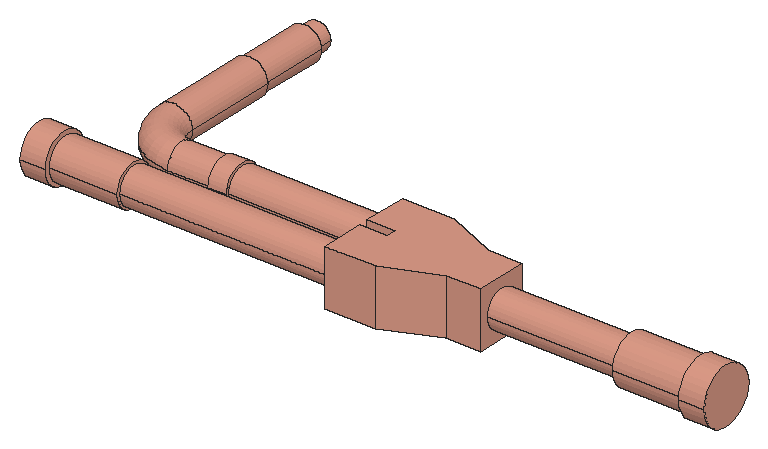
Revit family "outputfile", category 配管付属品, Revit 2024
Family settings
  丸型コネクタ寸法 = 半径を使用
  パーツ タイプ = 標準
  OmniClass 番号 = 23.65.55.00
  OmniClass タイトル = Distribution of Supplied Liquids/Gases
  作業面ベース = いいえ
  常に垂直 = はい
  ロード時にボイドで切り取り = いいえ
  共有 = いいえ
Parameters (values of type "BHFP26MA84_(1)")
  Description = ""
  製造元 = "Daikin"
  書き出し IFC クラス(タイプ) = "IfcPipeFittingType"
  Default Elevation = 0.0 mm
  定義済み IFC タイプ(タイプ) = "JUNCTION"
  Cost = 0
  モデル = "BHFP26MA84_(1)"
  Type Comments = ""
  Keynote = ""
  Type Image = (empty or 0)
  Assembly Code = ""
  table_PipeToCU_B [instance] = if(mm⇔inch, "Multi Module Kit_BHFP26MA-_Liquid_PipeToCU_B", "Multi Module Kit_BHFP26MA-_Liquid_PipeToCU_B_inch")  # "Multi Module Kit_BHFP26MA-_Liquid_PipeToCU_B"
  table_PipeToCU_A [instance] = if(mm⇔inch, "Multi Module Kit_BHFP26MA-_Liquid_PipeToCU_A", "Multi Module Kit_BHFP26MA-_Liquid_PipeToCU_A_inch")  # "Multi Module Kit_BHFP26MA-_Liquid_PipeToCU_A"
  table_ToMainPipe [instance] = if(mm⇔inch, "Multi Module Kit_BHFP26MA-_Liquid_ToMainPipe", "Multi Module Kit_BHFP26MA-_Liquid_ToMainPipe_inch")  # "Multi Module Kit_BHFP26MA-_Liquid_ToMainPipe"
  switch_ToMainPipe3 [instance] = if(number_ToMainPipe < 3, 1 = 0, 1 = 1)  # no
  switch_PipeToCU_B Reducer [instance] = if(and(Is_PipeToCU_B Reducer = 1, judge_IsOffsetPipe_ToOutdoorUnitB = 0), 1 = 1, 1 = 0)  # no
  switch_PipeToCU_B4 [instance] = if(number_PipeToCU_B < 4, 1 = 0, 1 = 1)  # no
  switch_PipeToCU_B3 [instance] = if(number_PipeToCU_B < 3, 1 = 0, 1 = 1)  # no
  switch_PipeToCU_B2 [instance] = if(number_PipeToCU_B < 2, 1 = 0, 1 = 1)  # yes
  switch_PipeToCU_A Reducer [instance] = if(Is_PipeToCU_A Reducer = 1, 1 = 1, 1 = 0)  # yes
  switch_ToMainPipe Reducer [instance] = if(Is_ToMainPipe Reducer = 1, 1 = 1, 1 = 0)  # no
  switch_ToMainPipe2 [instance] = if(number_ToMainPipe < 2, 1 = 0, 1 = 1)  # yes
  r_PipeToCU_B_ActualDiameter [instance] = PipeToCU_B_Liquid_ActualDiameter / 2  # 9.55 mm
  r_PipeToCU_A_ActualDiameter [instance] = PipeToCU_A_Liquid_ActualDiameter / 2  # 4.75 mm
  r_ToMainPipe_ActualDiameter [instance] = ToMainPipe_Liquid_ActualDiameter / 2  # 11.1 mm
  number_PipeToCU_B ReducerPipe [instance] = size_lookup(table_PipeToCU_B, "reducerPipeNumber", 0, モデル, judge_IsOffsetPipe_ToOutdoorUnitB, PipeToCU_B_Liquid_ActualDiameter)  # 0
  number_PipeToCU_B [instance] = size_lookup(table_PipeToCU_B, "pipeNumber", 2, モデル, judge_IsOffsetPipe_ToOutdoorUnitB, PipeToCU_B_Liquid_ActualDiameter)  # 2
  number_PipeToCU_A ReducerPipe [instance] = size_lookup(table_PipeToCU_A, "reducerPipeNumber", 3, モデル, PipeToCU_A_Liquid_ActualDiameter)  # 3
  number_ToMainPipe [instance] = size_lookup(table_ToMainPipe, "pipeNumber", 3, モデル, ToMainPipe_Liquid_ActualDiameter)  # 2
  mm⇔inch [instance] = yes
  l_ToMainPipe3 [instance] = size_lookup(table_ToMainPipe, "L_Pipe3", 11.0 mm, モデル)  # 2.0 mm
  judge_IsOffsetPipe_ToOutdoorUnitB [instance] = 0  # constant formula
  Unit Type = "BHFP26MA-_Liquid"
  Uniclass2015Version = "Products v1.31"
  Uniclass2015Title = "Copper pipe fittings"
  Uniclass2015Code = "Pr_65_52_63_18"
  URL = ""
  ToMainPipe_Liquid_Status [instance] = size_lookup(table_ToMainPipe, "Information", "The connected pipe size is not available.", モデル, ToMainPipe_Liquid_ActualDiameter)  # "Default connector size is used."
  ToMainPipe_Liquid_ActualDiameter [instance] = 22.2 mm
  Tag No. [instance] = ""
  Series = "Multi Module kit"
  PipeToCU_B_Liquid_Status [instance] = size_lookup(table_PipeToCU_B, "Information", "The connected pipe size is not available.", モデル, judge_IsOffsetPipe_ToOutdoorUnitB, PipeToCU_B_Liquid_ActualDiameter)  # "Default connector size is used."
  PipeToCU_B_Liquid_ActualDiameter [instance] = 19.1 mm
  PipeToCU_A_Liquid_Status [instance] = size_lookup(table_PipeToCU_A, "Information", "The connected pipe size is not available.", モデル, PipeToCU_A_Liquid_ActualDiameter)  # "Reducer is used at connector."
  PipeToCU_A_Liquid_ActualDiameter [instance] = 9.5 mm
  O.D_PipeToCU_B Reducer [instance] = size_lookup(table_PipeToCU_B, "O.D_reducer", 2.0 mm, モデル, judge_IsOffsetPipe_ToOutdoorUnitB, PipeToCU_B_Liquid_ActualDiameter)  # 2.0 mm
  Material_Piping = DAIKIN_Copper_Pipe
  Material_Insulation = DAIKIN_White_Insulation
  location_PipeToCU_A connector [instance] = size_lookup(table_PipeToCU_A, "Locationconnector", 107.0 mm, モデル, PipeToCU_A_Liquid_ActualDiameter)  # 107.0 mm
  l_PipeToCU_B connector [instance] = size_lookup(table_PipeToCU_B, "Length", 128.0 mm, モデル, judge_IsOffsetPipe_ToOutdoorUnitB, PipeToCU_B_Liquid_ActualDiameter)  # 132.0 mm
  l_PipeToCU_B Reducer [instance] = 80.0 mm  # constant formula
  l_PipeToCU_B4 [instance] = size_lookup(table_PipeToCU_B, "L_Pipe4", 2.0 mm, モデル)  # 2.0 mm
  l_PipeToCU_B3 [instance] = size_lookup(table_PipeToCU_B, "L_Pipe3", 2.0 mm, モデル)  # 2.0 mm
  l_PipeToCU_B2 [instance] = size_lookup(table_PipeToCU_B, "L_Pipe2", 7.0 mm, モデル)  # 11.0 mm
  l_PipeToCU_B1 [instance] = size_lookup(table_PipeToCU_B, "L_Pipe1", 30.0 mm, モデル)  # 30.0 mm
  l_PipeToCU_B0 [instance] = size_lookup(table_PipeToCU_B, "L_Pipe0", 91.0 mm, モデル)  # 91.0 mm
  l_PipeToCU_A connector [instance] = size_lookup(table_PipeToCU_A, "Length", 97.0 mm, モデル, PipeToCU_A_Liquid_ActualDiameter)  # 97.0 mm
  l_PipeToCU_A1 [instance] = size_lookup(table_PipeToCU_A, "L_Pipe1", 8.0 mm, モデル)  # 8.0 mm
  l_PipeToCU_A0 [instance] = size_lookup(table_PipeToCU_A, "L_Pipe0", 62.0 mm, モデル)  # 62.0 mm
  l_ToMainPipe connector [instance] = size_lookup(table_ToMainPipe, "Length", 128.0 mm, モデル, ToMainPipe_Liquid_ActualDiameter)  # 98.0 mm
  l_ToMainPipe Reducer [instance] = size_lookup(table_ToMainPipe, "L_Reducer", 2.0 mm, モデル, ToMainPipe_Liquid_ActualDiameter)  # 2.0 mm
  l_ToMainPipe2 [instance] = size_lookup(table_ToMainPipe, "L_Pipe2", 30.0 mm, モデル)  # 11.0 mm
  l_ToMainPipe1 [instance] = size_lookup(table_ToMainPipe, "L_Pipe1", 30.0 mm, モデル)  # 30.0 mm
  l_ToMainPipe0 [instance] = size_lookup(table_ToMainPipe, "L_Pipe0", 57.0 mm, モデル)  # 57.0 mm
  judge_JointType(1or2) = 1
  count_PipeToCU_B Reducer [instance] = 0  # constant formula
  count_PipeToCU_A Reducer [instance] = size_lookup(table_PipeToCU_A, "reducerCount", 1, モデル, PipeToCU_A_Liquid_ActualDiameter)  # 1
  angle_PipeToCU_A Pipe [instance] = if([RotateBranchPipetoCU_A_-90°], 270.00°, 0.00°)  # 0.00°
  angle_PipeToCU_A Connector [instance] = angle_PipeToCU_A Pipe + 90.00°  # 90.00°
  PipeToCU_B_Liquid_AvailableDiameter [instance] = size_lookup(table_PipeToCU_B, "sizeVariation", "", モデル, judge_IsOffsetPipe_ToOutdoorUnitB)  # "15.9/19.1mm"
  PipeToCU_A_Liquid_AvailableDiameter [instance] = size_lookup(table_PipeToCU_A, "sizeVariation", "", モデル)  # "9.5/12.7mm"
  ToMainPipe_Liquid_AvailableDiameter [instance] = size_lookup(table_ToMainPipe, "sizeVariation", "", モデル)  # "19.1/22.2mm"
  RotateBranchPipetoCU_A_-90° [instance] = no
  O.D_ToMainPipe Reducer [instance] = size_lookup(table_ToMainPipe, "O.D_reducer", 2.0 mm, モデル, ToMainPipe_Liquid_ActualDiameter)  # 2.0 mm
  Link_Nested Family [instance] = ""
  Is_PipeToCU_B Reducer [instance] = size_lookup(table_PipeToCU_B, "IsReducer", 0, モデル, judge_IsOffsetPipe_ToOutdoorUnitB, PipeToCU_B_Liquid_ActualDiameter)  # 0
  Is_PipeToCU_A Reducer [instance] = size_lookup(table_PipeToCU_A, "IsReducer", 1, モデル, PipeToCU_A_Liquid_ActualDiameter)  # 1
  Is_ToMainPipe Reducer [instance] = size_lookup(table_ToMainPipe, "IsReducer", 0, モデル, ToMainPipe_Liquid_ActualDiameter)  # 0
  IfcVersion = ""
  IfcExportType = "JUNCTION"
  IfcExportAs = "IfcPipeFittingType"
  I.D_ToMainPipe3 [instance] = size_lookup(table_ToMainPipe, "I.D_PipeSize3", 22.2 mm, モデル)  # 2.0 mm
  I.D_PipeToCU_B Reducer [instance] = size_lookup(table_PipeToCU_B, "I.D_reducer", 2.0 mm, モデル, judge_IsOffsetPipe_ToOutdoorUnitB, PipeToCU_B_Liquid_ActualDiameter)  # 2.0 mm
  Attach_Insulation [instance] = no
  I.D_PipeToCU_B4 [instance] = size_lookup(table_PipeToCU_B, "I.D_PipeSize4", 2.0 mm, モデル)  # 2.0 mm
  I.D_PipeToCU_B3 [instance] = size_lookup(table_PipeToCU_B, "I.D_PipeSize3", 2.0 mm, モデル)  # 2.0 mm
  I.D_PipeToCU_B2 [instance] = size_lookup(table_PipeToCU_B, "I.D_PipeSize2", 9.5 mm, モデル)  # 19.1 mm
  I.D_PipeToCU_B1 [instance] = size_lookup(table_PipeToCU_B, "I.D_PipeSize1", 12.7 mm, モデル)  # 15.9 mm
  I.D_PipeToCU_B0 [instance] = size_lookup(table_PipeToCU_B, "I.D_PipeSize0", 13.9 mm, モデル)  # 13.9 mm
  I.D_PipeToCU_A1 [instance] = 15.5 mm  # constant formula
  I.D_PipeToCU_A0 [instance] = 13.9 mm  # constant formula
  I.D_ToMainPipe Reducer [instance] = size_lookup(table_ToMainPipe, "I.D_reducer", 2.0 mm, モデル, ToMainPipe_Liquid_ActualDiameter)  # 2.0 mm
  I.D_ToMainPipe2 [instance] = size_lookup(table_ToMainPipe, "I.D_PipeSize2", 19.1 mm, モデル)  # 22.2 mm
  I.D_ToMainPipe1 [instance] = size_lookup(table_ToMainPipe, "I.D_PipeSize1", 15.9 mm, モデル)  # 19.1 mm
  I.D_ToMainPipe0 [instance] = size_lookup(table_ToMainPipe, "I.D_PipeSize0", 13.9 mm, モデル)  # 13.9 mm
Reference planes
  plane 1 "Center (Front/Back)": y = 0
  plane 2: z = 0
  plane 3 "pipe2": x = 225.65
  plane 4: x = 214.65
  plane 5: x = 184.65
  plane 6: x = 127.65
  plane 7: x = 67.65
  plane 8: x = -2.35
  plane 9: x = -23.35
  plane 10: x = -53.35
  plane 11: x = -64.35
  plane 12: x = -66.35
  plane 13: x = -68.35
  plane 14 "offset_center": y = 11.5
  plane 15: y = -11.5
  plane 16: x = 5.65
  plane 17: x = 177.65
  plane 18 "ToMainPipe_connector": x = 225.65
  plane 19 "connector_OutdoorunitA": x = -39.35
  plane 20 "connector_ToOutdoorUnitB": x = -104.35
  plane 21 "pipe3": x = 227.65
  plane 22 "connector_PipeToCU_B": x = -64.35
Forms (mm)
  Extrusion 1, solid, material "DAIKIN_Copper_Pipe" <- "Material_Piping"
    sketch origin (0, 0, 0) x (1, 0, 0) y (0, 1, 0)
      loop
        line (67.65, 1.998) -> (79.65, 1.998) -> (79.65, -1.998) -> (67.65, -1.998) -> (67.65, -21.2) -> (89.801, -21.2) -> (112.65, -11.3) -> (127.65, -11.3) -> (127.65, 11.3) -> (112.65, 11.3) -> (89.801, 21.2) -> (67.65, 21.2) -> (67.65, 1.998)
    from -12.2 to 12.2
Dimensions and locks
  locked: plane 6 to plane 17 at 50
  "l_PipeToCU_A1": plane 8 to plane 16
  "l_PipeToCU_B1": plane 10 to plane 9
  "l_PipeToCU_B2": plane 11 to plane 10
  "l_PipeToCU_B3": plane 12 to plane 11
  "l_PipeToCU_B4": plane 13 to plane 12
  locked: plane 7 to plane 6 at 60
  "l_ToMainPipe1": plane 5 to plane 4
  "l_ToMainPipe2": plane 4 to plane 3 "pipe2"
  "l_ToMainPipe0": plane 6 to plane 5
  "l_ToMainPipe connector": plane 6 to plane 18 "ToMainPipe_connector"
  plane 14 "offset_center" to plane 1 "Center (Front/Back)" to plane 15 = 11.5 mm locked, 11.5 mm locked
  locked: plane 1 "Center (Front/Back)" to Extrusion 1 sketch curve at 11.3  (x2)
  locked: Extrusion 1 sketch curve to plane 1 "Center (Front/Back)" at 21.2
  locked: plane 1 "Center (Front/Back)" to Extrusion 1 sketch curve at 21.2
  "l_PipeToCU_A0": plane 16 to plane 7
  "location_PipeToCU_A connector": plane 19 "connector_OutdoorunitA" to plane 7
  "l_PipeToCU_B0": plane 9 to plane 7
  "l_ToMainPipe3": plane 3 "pipe2" to plane 21 "pipe3"
  "l_PipeToCU_B connector": plane 22 "connector_PipeToCU_B" to plane 7
  aligned and locked: level to plane 2
  aligned and locked: plane 2 to nested 1
  aligned and locked: plane 1 "Center (Front/Back)" to nested 1
  aligned and locked: plane 3 "pipe2" to nested 1
  aligned and locked: plane 4 to nested 1
  aligned and locked: plane 4 to nested 2
  aligned and locked: plane 5 to nested 2
  aligned and locked: plane 5 to nested 3
  aligned and locked: plane 6 to nested 3
  aligned and locked: plane 6 to Extrusion 1
  aligned and locked: Extrusion 1 to plane 7  (x2)
  aligned and locked: plane 7 to nested 4
  aligned and locked: plane 8 to nested 5
  aligned and locked: plane 16 to nested 5
  aligned and locked: nested 5 to plane 14 "offset_center"
  aligned and locked: nested 6 to plane 15
  aligned and locked: plane 7 to nested 6
  aligned and locked: plane 9 to nested 6
  aligned and locked: plane 10 to nested 7
  aligned and locked: plane 9 to nested 7
  aligned and locked: plane 11 to nested 8
  aligned and locked: plane 10 to nested 8
  aligned and locked: plane 12 to nested 9
  aligned and locked: plane 11 to nested 9
  aligned and locked: plane 13 to nested 10
  aligned and locked: plane 12 to nested 10
  aligned and locked: nested 10 to plane 15
  aligned and locked: nested 9 to plane 15
  aligned and locked: nested 8 to plane 15
  aligned and locked: nested 7 to plane 15
  aligned and locked: plane 1 "Center (Front/Back)" to nested 11
  aligned and locked: plane 17 to nested 11
  aligned and locked: plane 16 to nested 4
  aligned and locked: nested 12 to plane 14 "offset_center"
  aligned and locked: plane 8 to nested 12
  aligned and locked: plane 1 "Center (Front/Back)" to nested 13
  aligned and locked: plane 18 "ToMainPipe_connector" to nested 13
  aligned and locked: plane 6 to nested 14
  aligned and locked: plane 1 "Center (Front/Back)" to nested 3
  aligned and locked: plane 14 "offset_center" to nested 15
  aligned and locked: nested 15 to plane 19 "connector_OutdoorunitA"
  aligned and locked: nested 16 to plane 7
  aligned and locked: nested 4 to plane 14 "offset_center"
  aligned and locked: plane 3 "pipe2" to nested 17
  aligned and locked: plane 21 "pipe3" to nested 17
  aligned and locked: nested 16 to plane 15
  aligned and locked: nested 18 to plane 22 "connector_PipeToCU_B"
  aligned and locked: plane 15 to nested 18
Automatic sketch dimensions
  Extrusion 1 sketch curve to plane 7 = 0.0 mm  (x2)
  Extrusion 1 sketch curve to plane 6 = 0.0 mm
  Extrusion 1 sketch curve to plane 1 "Center (Front/Back)" = 1.998 mm
  plane 7 to Extrusion 1 sketch curve = 12.0 mm
  Extrusion 1 sketch curve to Extrusion 1 sketch curve = 10.151 mm  (x2)
  Extrusion 1 sketch curve to Extrusion 1 sketch curve = 15.0 mm  (x2)
  plane 1 "Center (Front/Back)" to Extrusion 1 sketch curve = 1.998 mm
Nested families
  nested 1: "daikin_Pipe" at (220.15, 0, 0), I.D_Pipe <- "I.D_ToMainPipe2", display <- "switch_ToMainPipe2", type "*"
    with length_Pipe 11.0 mm, display yes, O.D_Pipe 24.2 mm, I.D_Pipe 22.2 mm
  nested 2: "daikin_Pipe" at (199.65, 0, 0), I.D_Pipe <- "I.D_ToMainPipe1", type "*"
    with length_Pipe 30.0 mm, display yes, O.D_Pipe 21.1 mm, I.D_Pipe 19.1 mm
  nested 3: "daikin_Pipe" at (156.15, 0, 0), I.D_Pipe <- "I.D_ToMainPipe0", type "*"
    with length_Pipe 57.0 mm, display yes, O.D_Pipe 15.9 mm, I.D_Pipe 13.9 mm
  nested 4: "daikin_Pipe" at (36.65, 11.5, 0), I.D_Pipe <- "I.D_PipeToCU_A0", type "*"
    with length_Pipe 62.0 mm, display yes, O.D_Pipe 15.9 mm, I.D_Pipe 13.9 mm
  nested 5: "daikin_Pipe" at (1.65, 11.5, 0), I.D_Pipe <- "I.D_PipeToCU_A1", type "*"
    with length_Pipe 8.0 mm, display yes, O.D_Pipe 17.5 mm, I.D_Pipe 15.5 mm
  nested 6: "daikin_Pipe" at (22.15, -11.5, 0), I.D_Pipe <- "I.D_PipeToCU_B0", type "*"
    with length_Pipe 91.0 mm, display yes, O.D_Pipe 15.9 mm, I.D_Pipe 13.9 mm
  nested 7: "daikin_Pipe" at (-38.35, -11.5, 0), I.D_Pipe <- "I.D_PipeToCU_B1", type "*"
    with length_Pipe 30.0 mm, display yes, O.D_Pipe 17.9 mm, I.D_Pipe 15.9 mm
  nested 8: "daikin_Pipe" at (-58.85, -11.5, 0), I.D_Pipe <- "I.D_PipeToCU_B2", display <- "switch_PipeToCU_B2", type "*"
    with length_Pipe 11.0 mm, display yes, O.D_Pipe 21.1 mm, I.D_Pipe 19.1 mm
  nested 9: "daikin_Pipe" at (-65.35, -11.5, 0), display <- "switch_PipeToCU_B3", I.D_Pipe <- "I.D_PipeToCU_B3", visible <- "switch_PipeToCU_B3", type "*"
    with length_Pipe 2.0 mm, display no, O.D_Pipe 4.0 mm, I.D_Pipe 2.0 mm
  nested 10: "daikin_Pipe" at (-67.35, -11.5, 0), display <- "switch_PipeToCU_B4", I.D_Pipe <- "I.D_PipeToCU_B4", visible <- "switch_PipeToCU_B4", type "*"
    with length_Pipe 2.0 mm, display no, O.D_Pipe 4.0 mm, I.D_Pipe 2.0 mm
  nested 11: "daikin_MultiModeluKit_Insulation" at (177.65, 0, 0), display <- "Attach_Insulation", type "*"
    with h 54.2 mm, display no, I.D_Outlet PipeSize 22.2 mm
  nested 12: "daikin_Multi Module kit_Reducer90_rotate" at (-2.35, 11.5, 0), number_reducerPipe <- "number_PipeToCU_A ReducerPipe", angle_Pipe <- "angle_PipeToCU_A Pipe", I.D_Pipe <- "PipeToCU_A_Liquid_ActualDiameter", count_Reducer <- "count_PipeToCU_A Reducer", type "*"
    with number_reducerPipe 3, display_Pipe2 yes, display_Pipe1 yes, count_Reducer 1, angle_Pipe 0.00°, I.D_Pipe 9.5 mm
  nested 13: "daikin_Pipe_reducer" at (224.65, 0, 0), I.D_Pipe1 <- "I.D_ToMainPipe Reducer", O.D_Pipe2 <- "O.D_ToMainPipe Reducer", length_Pipe <- "l_ToMainPipe Reducer", display <- "switch_ToMainPipe Reducer", type "*"
    with length_Pipe 2.0 mm, display no, O.D_Pipe2 2.0 mm, O.D_Pipe1 4.0 mm, I.D_Pipe2 0.0 mm, I.D_Pipe1 2.0 mm
  nested 14: "daikin_connector_rotate3" at (127.65, 0, 0) x (0, 1, 0) z (0, 0, 1), length <- "l_ToMainPipe connector", type "daikin_connector_rotate3"
    with radius 10.0 mm, length 98.0 mm, angle_vertical 90.00°, angle_horizontal 0.00°
  nested 15: "daikin_connector_rotate3" at (-39.35, 11.5, 0) x (-1, 0, 0) z (0, 0, 1), length <- "l_PipeToCU_A connector", angle_vertical <- "angle_PipeToCU_A Connector", type "daikin_connector_rotate3"
    with radius 10.0 mm, length 97.0 mm, angle_vertical 90.00°, angle_horizontal 0.00°
  nested 16: "daikin_connector_rotate3" at (67.65, -11.5, 0) x (0, -1, 0) z (0, 0, 1), length <- "l_PipeToCU_B connector", type "daikin_connector_rotate3"
    with radius 10.0 mm, length 132.0 mm, angle_vertical 90.00°, angle_horizontal 0.00°
  nested 17: "daikin_Pipe" at (226.65, 0, 0), display <- "switch_ToMainPipe3", I.D_Pipe <- "I.D_ToMainPipe3", type "*"
    with length_Pipe 2.0 mm, display no, O.D_Pipe 4.0 mm, I.D_Pipe 2.0 mm
  nested 18: "daikin_Pipe_reducer" at (-24.35, -11.5, 0) x (-1, 0, 0) z (0, 0, 1), length_Pipe <- "l_PipeToCU_B Reducer", I.D_Pipe1 <- "I.D_PipeToCU_B Reducer", O.D_Pipe2 <- "O.D_PipeToCU_B Reducer", display <- "switch_PipeToCU_B Reducer", type "*"
    with length_Pipe 80.0 mm, display no, O.D_Pipe2 2.0 mm, O.D_Pipe1 4.0 mm, I.D_Pipe2 0.0 mm, I.D_Pipe1 2.0 mm
Connectors
  piping at (225.65, 0, 0), diameter 22.2, driven by "r_ToMainPipe_ActualDiameter"
    settings: on nested 14, index 1, connector inside diameter 609.6 mm, connector length 0.0 mm, flow factor 0, pipe flow 0.00 m³/h, pressure drop 0.0 Pa, fitting loss kfactor 0, connector angle 0.00°, fixture units 0, engagement length 0.0 mm, angle of deflection 0.00°, flow configuration 0, flow direction 2, fitting loss method 0, system type 29, joint type 0, gender type 0, connector reference index -1, connector utility 0, adjustable connector no, is connector primary yes, connector description "Multi Module kit_to Main Pipe_Liquid"
  piping at (-39.35, 108.5, 0), diameter 9.5, driven by "r_PipeToCU_A_ActualDiameter"
    settings: on nested 15, index 2, connector inside diameter 609.6 mm, connector length 0.0 mm, flow factor 0, pipe flow 0.00 m³/h, pressure drop 0.0 Pa, fitting loss kfactor 0, connector angle 0.00°, fixture units 0, engagement length 0.0 mm, angle of deflection 0.00°, flow configuration 0, flow direction 1, fitting loss method 0, system type 29, joint type 0, gender type 0, connector reference index -1, connector utility 0, adjustable connector no, is connector primary no, connector description "Multi Module kit_Piping to CU-A_Liquid"
  piping at (-64.35, -11.5, 0), diameter 19.1, driven by "r_PipeToCU_B_ActualDiameter"
    settings: on nested 16, index 3, connector inside diameter 609.6 mm, connector length 0.0 mm, flow factor 0, pipe flow 0.00 m³/h, pressure drop 0.0 Pa, fitting loss kfactor 0, connector angle 0.00°, fixture units 0, engagement length 0.0 mm, angle of deflection 0.00°, flow configuration 0, flow direction 1, fitting loss method 0, system type 29, joint type 0, gender type 0, connector reference index -1, connector utility 0, adjustable connector no, is connector primary no, connector description "Multi Module kit_Piping to CU-B_Liquid"
Definition of nested family "daikin_Pipe"
  Parameters (values of type "*")
    Default Elevation = 0.0 mm
    material = none
    length_Pipe [instance] = 150.0 mm
    display [instance] = yes
    O.D_Pipe [instance] = I.D_Pipe + 2.0 mm  # 27.0 mm
    I.D_Pipe [instance] = 25.0 mm
  Reference planes
    plane 1 "Center (Front/Back)": y = 0
    plane 2 "center(vertical)": z = 0
    plane 3 "Center (Left/Right)": x = 0
    plane 4 "left": x = -75
    plane 5 "right": x = 75
  Forms (mm)
    Extrusion 1, solid, material <- "material", visible <- "display"
      sketch origin (0, 0, 0) x (0, 1, 0) y (0, 0, 1)
        loop
          circle (0, 0) r 13.5
      from -75 to 75
  Dimensions and locks
    equal spacing: plane 4 "left", plane 3 "Center (Left/Right)", plane 5 "right"
    "length_Pipe": plane 4 "left" to plane 5 "right"
    "O.D_Pipe": diameter of Extrusion 1 sketch curve
    aligned and locked: level to plane 2 "center(vertical)"
    aligned and locked: plane 2 "center(vertical)" to Extrusion 1 sketch curve
    aligned and locked: plane 1 "Center (Front/Back)" to Extrusion 1 sketch curve
    aligned and locked: plane 5 "right" to Extrusion 1
    aligned and locked: Extrusion 1 to plane 4 "left"
Definition of nested family "daikin_Multi Module kit_Reducer90_rotate"
  Parameters (values of type "*")
    Default Elevation = 0.0 mm
    number_reducerPipe [instance] = 4
    material_Pipe = none
    display_Pipe2 [instance] = if(number_reducerPipe < 3, 1 = 0, 1 = 1)  # yes
    display_Pipe1 [instance] = if(number_reducerPipe < 2, 1 = 0, 1 = 1)  # yes
    count_Reducer [instance] = 0
    angle_Pipe [instance] = 30.00°
    I.D_Pipe [instance] = 0.0 mm
  Reference planes
    plane 1 "Center (Front/Back)": y = 0
    plane 2: z = 0
    plane 3 "Center (Left/Right)": x = 0
  Dimensions and locks
    "angle_Pipe": angle plane 2 to nested 1
    aligned and locked: level to plane 2
  Nested families
    nested 1: "daikin_Multi Module kit_Reducer90" at (0, 0, 0) x (1, 0, 0) z (0, -0.5, 0.866), display_Pipe2 <- "display_Pipe2", display_Pipe1 <- "display_Pipe1", I.D_connector <- "I.D_Pipe", count_Reducer <- "count_Reducer", type "*"
      with display_Reducer no, display_Pipe2 yes, display_Pipe1 yes, count_Reducer 0, I.D_connector 0.0 mm
  Definition of nested family "daikin_Multi Module kit_Reducer90"
    Parameters (values of type "*")
      Default Elevation = 0.0 mm
      material_Pipe = none
      display_Reducer [instance] = and(I.D_connector = 19.1 mm, count_Reducer = 2)  # no
      display_Pipe2 [instance] = yes
      display_Pipe1 [instance] = yes
      count_Reducer [instance] = 0
      O.D_Pipe2 = 9.5 mm + 2.0 mm  # 11.5 mm
      O.D_Pipe1 = 12.7 mm + 2.0 mm  # 14.7 mm
      O.D_Pipe0 = 15.9 mm  # constant formula
      I.D_connector [instance] = 0.0 mm
    Reference planes
      plane 1 "Center (Front/Back)": y = 0
      plane 2 "center_vertical": z = 0
      plane 3 "Center (Left/Right)": x = 0
      plane 4 "center_toOutdoor": x = -37
      plane 5: y = 60
      plane 6: y = 90
      plane 7: y = 97
    Forms (mm)
      Sweep 1, solid, material <- "material_Pipe"
        path origin (0, 0, 0) x (1, 0, 0) y (0, 1, 0)
          loop
            line (0, 0) -> (-18.241, 0)
            arc (-18.241, 0) -> (-31.506, 5.494) -> (-37, 18.759) r 18.759
            line (-37, 18.759) -> (-37, 60)
        profile origin (-9.12, 0, 0) x (0, -1, 0) y (0, 0, 1)
          loop
            circle (0, 0) r 7.95
      Extrusion 2, solid, material <- "material_Pipe", visible <- "display_Pipe1"
        sketch origin (0, 0, 0) x (1, 0, 0) y (0, 0, 1)
          loop
            circle (-37, 0) r 7.35
        from -90 to -60
      Extrusion 3, solid, material <- "material_Pipe", visible <- "display_Pipe2"
        sketch origin (75, -2.05, 0) x (1, 0, 0) y (0, 0, 1)
          loop
            circle (-112, 0) r 5.75
        from -99.05 to -92.05
    Lines and regions (mm)
      reference lines
        curve 1: line (0, 0, 0) -> (-37, 0, 0)
    Dimensions and locks
      plane 1 "Center (Front/Back)" to plane 5 = 60.0 mm
      plane 6 to plane 5 = 30.0 mm
      plane 7 to plane 6 = 7.0 mm
      plane 4 "center_toOutdoor" to plane 3 "Center (Left/Right)" = 37.0 mm
      "O.D_Pipe2": diameter of Extrusion 3 sketch curve
      "O.D_Pipe0": diameter of Sweep 1 sketch curve
      "O.D_Pipe1": diameter of Extrusion 2 sketch curve
      aligned and locked: level to plane 2 "center_vertical"
      aligned and locked: plane 6 to Extrusion 2
      aligned and locked: Extrusion 2 to plane 5
      aligned and locked: Extrusion 3 to plane 6
      aligned and locked: Sweep 1 sketch curve to plane 1 "Center (Front/Back)"
      aligned and locked: plane 3 "Center (Left/Right)" to curve 1
      aligned and locked: curve 1 to plane 1 "Center (Front/Back)"
      aligned and locked: plane 7 to Extrusion 3
      aligned and locked: plane 6 to nested 1
      aligned and locked: plane 4 "center_toOutdoor" to nested 1
    Automatic sketch dimensions
      Sweep 1 sketch curve to plane 4 "center_toOutdoor" = 0.0 mm
      Sweep 1 sketch curve to plane 3 "Center (Left/Right)" = 0.0 mm
      Sweep 1 sketch curve to plane 5 = 0.0 mm
      Sweep 1 sketch curve to plane 3 "Center (Left/Right)" = 18.241 mm
      curve 1 to plane 4 "center_toOutdoor" = 0.0 mm
      Sweep 1 sketch curve to level = 0.0 mm
      Sweep 1 sketch curve to profile plane = 0.0 mm
      Extrusion 2 sketch curve to level = 0.0 mm
      Extrusion 2 sketch curve to plane 4 "center_toOutdoor" = 0.0 mm
      Extrusion 3 sketch curve to level = 0.0 mm
      Extrusion 3 sketch curve to plane 4 "center_toOutdoor" = 0.0 mm
    Nested families
      nested 1: "daikin_Pipe_reducer" at (-37, 130, 0) x (0, 1, 0) z (0, 0, 1), display <- "display_Reducer", type "*"
        with length_Pipe 80.0 mm, display no, O.D_Pipe2 12.7 mm, O.D_Pipe1 21.1 mm, I.D_Pipe2 10.7 mm, I.D_Pipe1 19.1 mm
    Definition of nested family "daikin_Pipe_reducer"
      Parameters (values of type "*")
        Default Elevation = 0.0 mm
        material = none
        length_Pipe [instance] = 250.0 mm
        display [instance] = yes
        O.D_Pipe2 [instance] = 19.1 mm
        O.D_Pipe1 [instance] = I.D_Pipe1 + 2.0 mm  # 24.2 mm
        I.D_Pipe2 [instance] = O.D_Pipe2 - 2.0 mm  # 17.1 mm
        I.D_Pipe1 [instance] = 22.2 mm
      Reference planes
        plane 1 "Center (Front/Back)": y = 0
        plane 2 "center(vertical)": z = 0
        plane 3 "Center (Left/Right)": x = 0
        plane 4 "connection": x = -125
        plane 5 "right": x = 113
        plane 6: x = 125
      Forms (mm)
        Extrusion 1, solid, material <- "material", visible <- "display"
          sketch origin (0, 0, 0) x (0, 1, 0) y (0, 0, 1)
            loop
              circle (0, 0) r 9.55
          from -125 to 113
        Extrusion 2, solid, material <- "material", visible <- "display"
          sketch origin (0, 0, 0) x (0, 1, 0) y (0, 0, 1)
            loop
              circle (0, 0) r 12.1
          from 113 to 125
      Dimensions and locks
        locked: plane 5 "right" to plane 6 at 12
        "length_Pipe": plane 4 "connection" to plane 6
        equal spacing: plane 4 "connection", plane 3 "Center (Left/Right)", plane 6
        "O.D_Pipe2": diameter of Extrusion 1 sketch curve
        "O.D_Pipe1": diameter of Extrusion 2 sketch curve
        aligned and locked: level to plane 2 "center(vertical)"
        aligned and locked: plane 2 "center(vertical)" to Extrusion 1 sketch curve
        aligned and locked: plane 1 "Center (Front/Back)" to Extrusion 1 sketch curve
        aligned and locked: plane 5 "right" to Extrusion 1
        aligned and locked: Extrusion 1 to plane 4 "connection"
        aligned and locked: plane 2 "center(vertical)" to Extrusion 2 sketch curve
        aligned and locked: plane 1 "Center (Front/Back)" to Extrusion 2 sketch curve
        aligned and locked: Extrusion 2 to plane 5 "right"
        aligned and locked: plane 6 to Extrusion 2
Definition of nested family "daikin_MultiModeluKit_Insulation"
  Parameters (values of type "*")
    Default Elevation = 0.0 mm
    Model = ""
    material = none
    h [instance] = (I.D_Outlet PipeSize + 2.0 mm) + 30.0 mm  # 47.0 mm
    display [instance] = yes
    I.D_Outlet PipeSize [instance] = 15.0 mm
  Reference planes
    plane 1 "Center (Front/Back)": y = 0
    plane 2: z = 0
    plane 3 "Left": x = 0
    plane 4 "top": z = 23.5
    plane 5 "bottom": z = -23.5
  Forms (mm)
    Extrusion 1, solid, material <- "material", visible <- "display"
      sketch origin (0, 0, 0) x (1, 0, 0) y (0, 1, 0)
        loop
          line (0, -22.3) -> (0, 22.3) -> (-101, 45.79) -> (-187, 45.79) -> (-187, 6.128) -> (-257, 10) -> (-257, -45.79) -> (-101, -45.79) -> (0, -22.3)
      from -23.5 to 23.5
  Dimensions and locks
    equal spacing: plane 4 "top", plane 2, plane 5 "bottom"
    "h": plane 4 "top" to plane 5 "bottom"
    equal spacing: Extrusion 1 sketch curve, plane 1 "Center (Front/Back)", Extrusion 1 sketch curve
    locked: Extrusion 1 sketch curve to plane 3 "Left" at 101  (x2)
    locked: Extrusion 1 sketch curve to plane 3 "Left" at 187
    locked: Extrusion 1 sketch curve to plane 3 "Left" at 257
    aligned and locked: level to plane 2
    aligned and locked: plane 3 "Left" to Extrusion 1
    aligned and locked: Extrusion 1 to plane 5 "bottom"
    aligned and locked: plane 4 "top" to Extrusion 1
  Automatic sketch dimensions
    Extrusion 1 sketch curve to plane 3 "Left" = 0.0 mm
    plane 1 "Center (Front/Back)" to Extrusion 1 sketch curve = 45.79 mm
    plane 1 "Center (Front/Back)" to Extrusion 1 sketch curve = 22.3 mm
    Extrusion 1 sketch curve to plane 1 "Center (Front/Back)" = 45.79 mm
    Extrusion 1 sketch curve to plane 1 "Center (Front/Back)" = 10.0 mm
    Extrusion 1 sketch curve to plane 1 "Center (Front/Back)" = 6.128 mm
Definition of nested family "daikin_Pipe_reducer"
  Parameters (values of type "*")
    Default Elevation = 0.0 mm
    material = none
    length_Pipe [instance] = 250.0 mm
    display [instance] = yes
    O.D_Pipe2 [instance] = 19.1 mm
    O.D_Pipe1 [instance] = I.D_Pipe1 + 2.0 mm  # 24.2 mm
    I.D_Pipe2 [instance] = O.D_Pipe2 - 2.0 mm  # 17.1 mm
    I.D_Pipe1 [instance] = 22.2 mm
  Reference planes
    plane 1 "Center (Front/Back)": y = 0
    plane 2 "center(vertical)": z = 0
    plane 3 "Center (Left/Right)": x = 0
    plane 4 "connection": x = -125
    plane 5 "right": x = 113
    plane 6: x = 125
  Forms (mm)
    Extrusion 1, solid, material <- "material", visible <- "display"
      sketch origin (0, 0, 0) x (0, 1, 0) y (0, 0, 1)
        loop
          circle (0, 0) r 9.55
      from -125 to 113
    Extrusion 2, solid, material <- "material", visible <- "display"
      sketch origin (0, 0, 0) x (0, 1, 0) y (0, 0, 1)
        loop
          circle (0, 0) r 12.1
      from 113 to 125
  Dimensions and locks
    locked: plane 5 "right" to plane 6 at 12
    "length_Pipe": plane 4 "connection" to plane 6
    equal spacing: plane 4 "connection", plane 3 "Center (Left/Right)", plane 6
    "O.D_Pipe2": diameter of Extrusion 1 sketch curve
    "O.D_Pipe1": diameter of Extrusion 2 sketch curve
    aligned and locked: level to plane 2 "center(vertical)"
    aligned and locked: plane 2 "center(vertical)" to Extrusion 1 sketch curve
    aligned and locked: plane 1 "Center (Front/Back)" to Extrusion 1 sketch curve
    aligned and locked: plane 5 "right" to Extrusion 1
    aligned and locked: Extrusion 1 to plane 4 "connection"
    aligned and locked: plane 2 "center(vertical)" to Extrusion 2 sketch curve
    aligned and locked: plane 1 "Center (Front/Back)" to Extrusion 2 sketch curve
    aligned and locked: Extrusion 2 to plane 5 "right"
    aligned and locked: plane 6 to Extrusion 2
Definition of nested family "daikin_connector_rotate3"
  Parameters (values of type "daikin_connector_rotate3")
    Default Elevation = 1219.2 mm
    show_face = no
    show_circle = no
    radius [instance] = 10.0 mm
    length [instance] = 600.0 mm
    angle_horizontal [instance] = 60.00°
    angle_vertical [instance] = 90.00°
  Reference planes
    plane 1 "Center (Front/Back)": y = 0
    plane 2: z = 0
    plane 3 "Center (Left/Right)": x = 0
  Dimensions and locks
    "angle_horizontal": angle plane 3 "Center (Left/Right)" to nested 1
    aligned and locked: level to plane 2
    aligned and locked: plane 1 "Center (Front/Back)" to nested 1  (x2)
    aligned and locked: plane 3 "Center (Left/Right)" to nested 1
  Nested families
    nested 1: "daikin_connector_rotate2" at (0, 0, 0) x (0.5, 0.866, 0) z (0, 0, 1), angle_vertical <- "angle_vertical", length <- "length", radius <- "radius", type "daikin_connector_rotate2"
      with radius 10.0 mm, length 600.0 mm, angle_vertical 90.00°, Default Elevation 0.0 mm, show_circle no
  Definition of nested family "daikin_connector_rotate2"
    Parameters (values of type "daikin_connector_rotate2")
      Default Elevation = 1219.2 mm
      show_face = no
      show_circle = yes
      radius [instance] = 10.0 mm
      length [instance] = 600.0 mm
      d_surface = 10.0 mm
      angle_vertical [instance] = 90.00°
    Reference planes
      plane 1 "Center (Front/Back)": y = 0
      plane 2: z = 0
      plane 3 "Center (Left/Right)": x = 0
    Forms (mm)
      Extrusion 1, solid, visible <- "show_face"
        sketch origin (0, -600, 0) x (1, 0, 0) y (0, 0, 1)
          loop
            circle (0, 0) r 10
        from 0 to -10
    Lines and regions (mm)
      reference lines
        curve 1: line (0, 0, 0) -> (0, -600, 0)
      symbolic lines, visible <- "show_circle"
        curve 2: circle (0, 0, 0) r 5 normal (0, 0, 1)
      model lines, visible <- "show_face"
        curve 3: line (0, 0, 0) -> (0, -600, 0)
    Dimensions and locks
      "length": curve 1 to curve 1
      "length": curve 3 to curve 3
      "d_surface": Extrusion 1 to Extrusion 1
      "radius": radius of Extrusion 1 sketch curve
      "angle_vertical": angle curve 1 to plane 1 "Center (Front/Back)"
      "angle_vertical": angle curve 3 to plane 1 "Center (Front/Back)"
      aligned and locked: level to plane 2
      aligned and locked: plane 1 "Center (Front/Back)" to curve 1
      aligned and locked: plane 2 to curve 1
      aligned and locked: plane 1 "Center (Front/Back)" to curve 2
      aligned and locked: plane 3 "Center (Left/Right)" to curve 2
      aligned and locked: plane 1 "Center (Front/Back)" to curve 3
      aligned and locked: plane 2 to curve 3
      aligned and locked: Extrusion 1 to Extrusion 1
    Automatic sketch dimensions
      Extrusion 1 sketch curve to level = 0.0 mm
      Extrusion 1 sketch curve to plane 3 "Center (Left/Right)" = 0.0 mm
      radius of curve 2 = 5.0 mm
